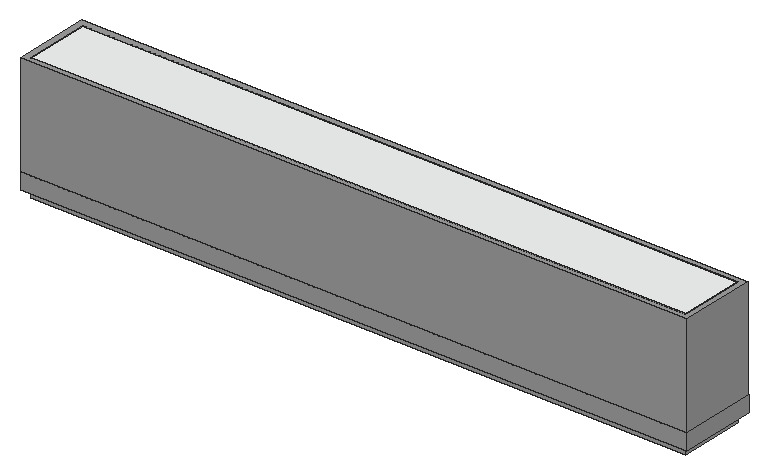
Revit family "24318_HOST_FACE", category Lighting Fixtures, host Face, Revit 2015
Parameters (values of type "Ceiling and Wall Luminaires - Unshielded")
  Wattage = 7.00139 W
  built-in parameter 1150110 = 1 (stored number, unit not read)
  URL = "www.bega-us.com"
  built-in parameter 1114217 = 1 (stored number, unit not read)
  Tilt Angle = 90.00°
  built-in parameter 1150109 = 1 (stored number, unit not read)
  built-in parameter 1150134 = (empty or 0)
  Telephone = "805.684.0533"
  built-in parameter 1150113 = 1 (stored number, unit not read)
  Photometric Web File = "24318.ies"
  Model = "24318"
  Manufacturer = "BEGA-US"
  built-in parameter 1150105 = 82.761 (stored number, unit not read)
  Lumens = 1040 lm
  built-in parameter 1150115 = 1 (stored number, unit not read)
  built-in parameter 1150137 = (empty or 0)
  built-in parameter 1150139 = (empty or 0)
  built-in parameter 1150112 = 1 (stored number, unit not read)
  built-in parameter 1150114 = 1 (stored number, unit not read)
  Lamp = "16.0W LED"
  built-in parameter 1150132 = 2
  built-in parameter 1150102 = (empty or 0)
  built-in parameter 1150107 = 3000 (stored number, unit not read)
  built-in parameter 1150138 = (empty or 0)
  built-in parameter 1150106 = 0.82761 (stored number, unit not read)
  built-in parameter 1150104 = 13.8 (stored number, unit not read)
  Dimming Lamp Color Temperature Shift = <None>
  Description = "LED linear ceiling and wall luminaires"
  Default Elevation = 0' - 0"
  Color Filter = 16777215
  built-in parameter 1114218 = 1 (stored number, unit not read)
  built-in parameter 1150133 = 10 (stored number, unit not read)
Types (4): name | Wattage | built-in parameter 1150134 | Photometric Web File | Model | built-in parameter 1150105 | Lumens | Lamp | built-in parameter 1150107 | built-in parameter 1150106 | Description | Default Elevation
  (no name) | 7.00139 W | (empty or 0) | "24318.ies" | "24318" | 82.761 (stored number, unit not read) | 1040 lm | "16.0W LED" | 3000 (stored number, unit not read) | 0.82761 (stored number, unit not read) | "LED linear ceiling and wall luminaires" | 0' - 0"
  Wall Luminaires - Directed Light | 18.4392 W | (empty or 0) | "generic" | "2260LED" | 217.96 (stored number, unit not read) | 2739 lm | "44.6W LED" | 3000 (stored number, unit not read) | 2.1796 (stored number, unit not read) | "Surface wall with cutoff optics" | 6' - 0"
  Wall Luminaires - Linear | 9.92985 W | 9 | "generic" | "4425P" | 117.38 (stored number, unit not read) | 1475 lm | "(1) 39W CF twin-4-p" | 3450 (stored number, unit not read) | 1.1738 (stored number, unit not read) | "Suface wall - linear with white acrylic diffuser" | 6' - 0"
  Ceiling and Wall Luminaires - Unshielded | 7.00139 W | (empty or 0) | "24318.ies" | "24318" | 82.761 (stored number, unit not read) | 1040 lm | "16.0W LED" | 3000 (stored number, unit not read) | 0.82761 (stored number, unit not read) | "LED linear ceiling and wall luminaires" | 0' - 0"
Reference planes (in)
  plane 1 "Center (Front/Back)": y = 0
  plane 2: z = 0
  plane 3 "Center (Left/Right)": x = 0
Dimensions and locks (in)
  aligned and locked: plane 2 to host face
  aligned and locked: level to host face
Nested families (in)
  nested 1: "24318" at (0, 0, 0), type "24318"
Connectors (in)
  electrical at (0, 0, 0)
    settings: on host face, index 1, voltage 0 V, apparent load 0 VA, apparent load phase1 0 VA, apparent load phase2 0 VA, apparent load phase3 0 VA, power factor 1, load classification "Other", number of poles 1, system type 31, power factor state 1, is connector primary yes, connector utility no, sub classification motor no, connector description ""
Definition of nested family "24318"
  Reference planes (in)
    plane 1 "Center (Front/Back)": y = 0
    plane 2: z = 0
    plane 3 "Center (Left/Right)": x = 0
  Forms (in)
    Extrusion 1, solid
      sketch origin (0, 0, 0) x (1, 0, 0) y (0, 1, 0)
        loop
          line (0, 1) -> (-10.0625, 1) -> (-10.0625, -1) -> (10.0625, -1) -> (10.0625, 1) -> (0, 1)
      from 0.25 to 0
    Extrusion 2, solid
      sketch origin (0, 0, 0) x (1, 0, 0) y (0, 1, 0)
        loop
          line (0, 1.1875) -> (-10.25, 1.1875) -> (-10.25, -1.1875) -> (10.25, -1.1875) -> (10.25, 1.1875) -> (0, 1.1875)
        loop
          line (-10.0625, -1) -> (10.0625, -1) -> (10.0625, 1) -> (-10.0625, 1) -> (-10.0625, -1)
      from 0.25 to 0.75
    Extrusion 3, solid
      sketch origin (0, 0, 0) x (1, 0, 0) y (0, 1, 0)
        loop
          line (-10.25, -1.1875) -> (10.25, -1.1875) -> (10.25, 1.1875) -> (-10.25, 1.1875) -> (-10.25, -1.1875)
        loop
          line (-10.0625, -1) -> (10.0625, -1) -> (10.0625, 1) -> (-10.0625, 1) -> (-10.0625, -1)
      from 3.875 to 0.75
    Extrusion 4, solid
      sketch origin (0, 0, 0) x (1, 0, 0) y (0, 1, 0)
        loop
          line (-10.0625, -1) -> (10.0625, -1) -> (10.0625, 1) -> (-10.0625, 1) -> (-10.0625, -1)
      from 3.875 to 3.625
  Dimensions and locks (in)
    aligned and locked: plane 2 to level
